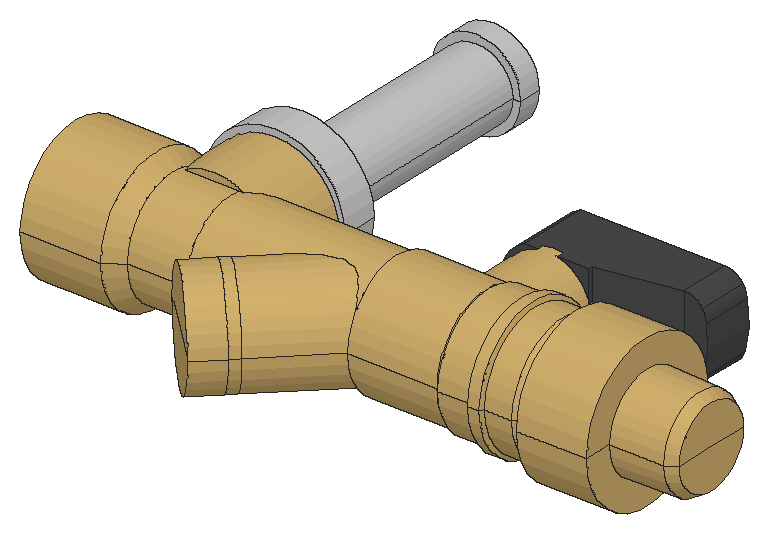
Revit family "Plumbing_Joints_Aignep_Condensed-Drain-Valve-Nptf-90976", category Pipe Accessories, Revit 2018
Family settings
  Round Connector Dimension = Use Diameter
  Part Type = Valve - Breaks Into
  OmniClass Number = 23.27.43.00
  OmniClass Title = Pipe Fittings
  Work Plane-Based = No
  Always vertical = Yes
  Cut with Voids When Loaded = No
  Shared = No
Parameters (values of type "D 3/8"")
  Tick Size 02 = Nominal Diameter 02 * 0.8  # 10.160 mm
  QR code = "https://www.bimobject.com/aignep/product/condensed-drain-valve-nptf-90976"
  Product url = "https://www.aignep.com/eng/Pipe-fittings-INFINITY/Air-Pipeline-INFINITY-Series/CONDENSED-DRAIN-VALVE-NPTF"
  Product name = "Condensed Drain Valve Nptf - 90976"
  Product group = "Valves"
  Product family = "INFINITY"
  Product certification = "https://www.aignep.com/eng/Certificazioni/FREE-OF-SILICON"
  Product SKU = "Condensed-Drain-Valve-Nptf-90976"
  Product Material = AIGNEP - Brass - Yellow
  Product Guid = "a619ee7e-faa2-4660-8244-decc4a47eb16"
  OmniClass Description = "Pipe Fittings"
  OmniClass Code = "23-27 43 00"
  OD = 17.000 mm
  Nominal Diameter 02 = 12.700 mm  # constant formula
  Nominal Diameter 01 = 9.525 mm
  Material main = "Brass"
  Manufacturer name = "Aignep Spa"
  Manufacturer country = "Italy"
  L = 113.500 mm
  IFC Classification = "Pipe Fitting"
  G = 26.500 mm
  ES2 = 23.000 mm
  ES1 = 22.000 mm
  E = 65.500 mm
  Design country = "Italy"
  Description = "Condensed drain valve NPTF\r\n"  # constant formula
  URL = "https://www.aignep.com/"
  Tick Size 01 = Nominal Diameter 01 * 0.8  # 7.620 mm
  Product data url = "https://www.bimobject.com/aignep/product/condensed-drain-valve-nptf-90976"
  Model = "90976"  # constant formula
  Manufacturer = "Aignep Spa"  # constant formula
  Keynote = "15410"
  Edition number = 1
  D = 13.000 mm
  CH3 = 16.000 mm
  CH2 = 25.000 mm
  CH1 = 27.000 mm
  C = 12.000 mm
  BIMobject category = "Valves"
  B = 11.500 mm
  Assembly Code = "D2040100"
  Article Code [instance] = "90976 00 004"
  A2 = 12.700 mm
  A1 = 9.525 mm
Types (2, lengths in mm): name | OD | Nominal Diameter 01 | L | Tick Size 01 | B | Article Code | A1
  D 3/8" | 17.000 | 9.525 | 113.500 | 7.620 | 11.500 | "90976 00 004" | 9.525
  D 1/2" | 21.500 | 12.700 | 117.500 | 10.160 | 16.000 | "90976 00 005" | 12.700
Reference planes
  plane 1 "Center (Front/Back)": y = 0
  plane 2: z = 0
  plane 3: x = 0
  plane 4: x = -17.65
  plane 5: x = 44.175
  plane 6: x = -69.325
  plane 7: y = 4.762
  plane 8: y = -4.763
  plane 9: y = 6.35
  plane 10: y = -6.35
  plane 11: x = -57.325
  plane 12: x = 32.675
  plane 13: y = 12.5
  plane 14: y = -12.5
  plane 15: y = 13.5
  plane 16: y = -13.5
  plane 17: y = 11.5
  plane 18: y = -11.5
  plane 19: y = -26.5
  plane 20: y = 65.5
  plane 21: x = -54
  plane 22: x = -38
  plane 23 "Center (Left/Right)": x = -46
  plane 24: x = -52.5
  plane 25: x = -39.5
  plane 26: y = 11
  plane 27: y = -11
  plane 28: y = 8.5
  plane 29: y = -8.5
  plane 30: through (-30.289, -15.297, 1200) normal (0.7071, -0.7071, 0)
Forms (mm)
  Revolve 1, solid, material "AIGNEP - Brass - Yellow" <- "Product Material", detail levels fine
    sketch origin (0, 0, 0) x (1, 0, 0) y (0, 1, 0)
      loop
        line (44.175, 0) -> (-69.325, 0) -> (-69.325, -12.5) -> (-54.989, -12.5) -> (-52.039, -10.32) -> (-41.545, -10.32) -> (-12.448, -10.32) -> (-11.972, -11) -> (3.827, -11) -> (4.541, -11.5) -> (10.205, -11.5) -> (10.481, -12.258) -> (12.496, -12.258) -> (12.772, -11.5) -> (17.772, -11.5) -> (18.499, -10.991) -> (19.717, -10.991) -> (20.175, -11.754) -> (20.175, -13.5) -> (32.675, -13.5) -> (32.675, -8.484) -> (42.269, -8.217) -> (44.175, -7.117) -> (44.175, 0)
      axis (44.175, 0) -> (-69.325, 0)
    angle from 0 to 360
  Revolve 2, solid, material "AIGNEP - Inox - Grey", detail levels fine
    sketch origin (0, 0, 0) x (1, 0, 0) y (0, 1, 0)
      loop
        line (-46, 15.146) -> (-46, 65.5) -> (-49.974, 65.5) -> (-49.974, 64.2) -> (-54, 64.2) -> (-54, 60.2) -> (-52.5, 60.2) -> (-52.5, 21.5) -> (-58.662, 21.5) -> (-58.662, 15.146) -> (-46, 15.146)
      axis (-46, 15.146) -> (-46, 65.5)
    angle from 0 to 360
  Revolve 3, solid, material "AIGNEP - Brass - Yellow" <- "Product Material", detail levels fine
    sketch origin (0, 0, 0) x (1, 0, 0) y (0, 1, 0)
      loop
        line (-34.885, -19.893) -> (-28.069, -26.71) -> (-24.003, -22.644) -> (-22.762, -21.403) -> (-8.623, -7.264) -> (-15.44, -0.447) -> (-34.885, -19.893)
      axis (-15.44, -0.447) -> (-34.885, -19.893)
    angle from 0 to 360
  Revolve 4, solid, material "AIGNEP - Brass - Yellow" <- "Product Material", detail levels fine
    sketch origin (0, 0, 0) x (1, 0, 0) y (0, 1, 0)
      loop
        line (0, 6.414) -> (0, 18.5) -> (0, 19.739) -> (-7.711, 19.739) -> (-7.711, 6.414) -> (0, 6.414)
      axis (0, 6.414) -> (0, 19.739)
    angle from 0 to 360
  Extrusion 5, solid, material "AIGNEP - Plastic - Black", detail levels fine
    sketch origin (0, 0, 0) x (1, 0, 0) y (0, 0, 1)
      loop
        line (21.72, 7.5) -> (-4, 7.5)
        arc (-4, 7.5) -> (-8.623, 0) -> (-4, -7.5) r 8.395
        line (-4, -7.5) -> (21.72, -7.5)
        arc (21.72, -7.5) -> (23.957, -6.812) -> (25.419, -4.985) r 3.978
        arc (25.419, -4.985) -> (25.992, -0.695) -> (25.697, 3.622) r 21.58
        arc (25.697, 3.622) -> (25.509, 4.733) -> (25.018, 5.746) r 3.978
        arc (25.018, 5.746) -> (23.587, 7.034) -> (21.72, 7.5) r 3.978
    from -31 to -18.5
  Extrusion 6, void
    sketch origin (0, 0, 0) x (1, 0, 0) y (0, 1, 0)
      loop
        line (7.518, 19.22) -> (7.518, 16.034) -> (30.521, 16.034) -> (30.521, 22) -> (21.604, 22) -> (7.518, 19.22)
    from -14.319 to 14.478
  Revolve 7, solid, material "AIGNEP - Brass - Yellow" <- "Product Material", detail levels fine
    sketch origin (0, 0, 0) x (1, 0, 0) y (0, 1, 0)
      loop
        line (-46, 1.73) -> (-46, 15.146) -> (-57.469, 15.146) -> (-57.469, 1.73) -> (-46, 1.73)
      axis (-46, 1.73) -> (-46, 15.146)
    angle from 0 to 360
  Sweep 8, solid, not visible, detail levels fine
    path origin (0, 0, 0) x (1, 0, 0) y (0, 1, 0)
      loop
        line (-57.325, 0) -> (-46, 0)
    profile origin (-51.663, 0, 0) x (0, 1, 0) y (0, 0, 1)
      loop
        circle (0, 0) r 4.007
  Sweep 9, solid, not visible, detail levels fine
    path origin (0, 0, 0) x (1, 0, 0) y (0, 1, 0)
      loop
        line (0, 0) -> (32.675, 0)
    profile origin (16.337, 0, 0) x (0, 1, 0) y (0, 0, 1)
      loop
        circle (0, 0) r 4.007
Cuts and joins
  Extrusion 6 cuts Revolve 4
  Extrusion 6 cuts Extrusion 5
Lines and regions (mm)
  model lines, detail levels coarse+medium
    curve 1: line (-57.325, 0, 0) -> (32.675, 0, 0)
    curve 2: line (-57.325, 5.08, 0) -> (-57.325, -5.08, 0)
    curve 3: line (32.675, 3.81, 0) -> (32.675, -3.81, 0)
    curve 4: line (0, 0, 0) -> (0, 21.738, 0)
    curve 5: line (0, 21.738, 0) -> (20.279, 21.738, 0)
    curve 6: line (-46, 0, 0) -> (-46, 65.5, 0)
Dimensions and locks
  plane 3 to plane 4 = 17.650 mm
  "L": plane 6 to plane 5
  equal spacing: plane 7, plane 1 "Center (Front/Back)", plane 8
  "A1": plane 7 to plane 8
  equal spacing: plane 10, plane 1 "Center (Front/Back)", plane 9
  "A2": plane 10 to plane 9
  "C": plane 6 to plane 11
  "B": plane 12 to plane 5
  equal spacing: plane 14, plane 1 "Center (Front/Back)", plane 13
  "CH2": plane 14 to plane 13
  equal spacing: plane 15, plane 1 "Center (Front/Back)", plane 16
  "CH1": plane 15 to plane 16
  equal spacing: plane 17, plane 1 "Center (Front/Back)", plane 18
  "ES2": plane 17 to plane 18
  "G": plane 19 to plane 1 "Center (Front/Back)"
  "E": plane 1 "Center (Front/Back)" to plane 20
  equal spacing: plane 21, plane 23 "Center (Left/Right)", plane 22
  "CH3": plane 21 to plane 22
  equal spacing: plane 24, plane 23 "Center (Left/Right)", plane 25
  "D": plane 24 to plane 25
  equal spacing: plane 27, plane 1 "Center (Front/Back)", plane 26
  "ES1": plane 27 to plane 26
  locked: Revolve 1 sketch curve to plane 5 at 1.906
  Revolve 1 sketch curve to Revolve 1 sketch curve to plane 23 "Center (Left/Right)" to Revolve 1 sketch curve to Revolve 1 sketch curve to Revolve 1 sketch curve to Revolve 1 sketch curve to Revolve 1 sketch curve to Revolve 1 sketch curve to Revolve 1 sketch curve to Revolve 1 sketch curve to Revolve 1 sketch curve to Revolve 1 sketch curve to Revolve 1 sketch curve to Revolve 1 sketch curve to Revolve 1 sketch curve to Revolve 1 sketch curve to Revolve 1 sketch curve = 2.950 mm locked, 6.039 mm locked, 33.552 mm locked, 0.476 mm locked, 15.800 mm locked, 0.714 mm locked, 5.664 mm locked, 0.276 mm locked, 2.015 mm locked, 0.276 mm locked, 5.000 mm locked, 0.727 mm locked, 1.218 mm locked, 0.457 mm locked, 0.000 mm locked, 12.500 mm locked, 0.000 mm locked
  Revolve 1 sketch curve to Revolve 1 sketch curve to Revolve 1 sketch curve to Revolve 1 sketch curve to Revolve 1 sketch curve to Revolve 1 sketch curve to plane 16 = 0.671 mm locked, 0.000 mm locked, 0.764 mm locked, 0.503 mm locked, 0.000 mm locked, 1.242 mm locked
  locked: plane 6 to plane 23 "Center (Left/Right)" at 23.325
  equal spacing: plane 28, plane 1 "Center (Front/Back)", plane 29
  "OD": plane 28 to plane 29
  plane 29 to Revolve 1 sketch curve to Revolve 1 sketch curve to Revolve 1 sketch curve = 0.016 mm locked, 0.267 mm locked, 1.100 mm locked
  Extrusion 5 sketch curve to Extrusion 5 sketch curve to Extrusion 5 sketch curve to plane 3 = 0.277 mm locked, 0.401 mm locked, 25.018 mm locked
  Revolve 3 sketch curve to Revolve 3 sketch curve to plane 30 = 0.000 mm locked, 9.640 mm locked
  locked: Revolve 2 sketch curve to plane 23 "Center (Left/Right)" at 12.662
  equal spacing: curve 2, plane 1 "Center (Front/Back)", curve 2
  "Tick Size 02": curve 2 to curve 2
  equal spacing: curve 3, plane 1 "Center (Front/Back)", curve 3
  "Tick Size 01": curve 3 to curve 3
  locked: plane 3 to curve 5 at 20.279
  aligned and locked: level to plane 2
  aligned and locked: plane 5 to Revolve 1 sketch curve
  aligned and locked: Revolve 1 sketch curve to plane 16
  aligned and locked: Revolve 1 sketch curve to plane 18
  aligned and locked: plane 18 to Revolve 1 sketch curve
  aligned and locked: Revolve 1 sketch curve to plane 14
  aligned and locked: Revolve 1 sketch curve to plane 6
  aligned and locked: plane 23 "Center (Left/Right)" to Revolve 2 sketch curve
  aligned and locked: Revolve 2 sketch curve to plane 20
  aligned and locked: plane 21 to Revolve 2 sketch curve
  aligned and locked: plane 24 to Revolve 2 sketch curve
  aligned and locked: Revolve 3 sketch curve to plane 30
  aligned and locked: plane 11 to Sweep 8 sketch curve
  aligned and locked: plane 23 "Center (Left/Right)" to Sweep 8 sketch curve
  aligned and locked: plane 1 "Center (Front/Back)" to Sweep 8 sketch curve
  aligned and locked: plane 12 to Sweep 9 sketch curve
  aligned and locked: plane 3 to Sweep 9 sketch curve
  aligned and locked: plane 1 "Center (Front/Back)" to Sweep 9 sketch curve
  aligned and locked: plane 11 to curve 1
  aligned and locked: plane 12 to curve 1
  aligned and locked: plane 1 "Center (Front/Back)" to curve 1
  aligned and locked: curve 2 to plane 11
  aligned and locked: curve 3 to plane 12
  aligned and locked: plane 3 to curve 4
  aligned and locked: plane 20 to curve 6
  aligned and locked: plane 23 "Center (Left/Right)" to curve 6
  aligned and locked: plane 1 "Center (Front/Back)" to curve 6
Automatic sketch dimensions
  plane 1 "Center (Front/Back)" to Revolve 1 sketch curve = 0.000 mm  (x2)
  Revolve 1 sketch curve to plane 6 = 0.000 mm
  Revolve 1 sketch curve to plane 27 = 0.000 mm
  Revolve 1 sketch curve to plane 25 = 2.045 mm
  Revolve 1 sketch curve to Revolve 1 sketch curve = 8.591 mm
  plane 30 to Revolve 3 sketch curve = 0.000 mm  (x2)
  plane 19 to Revolve 3 sketch curve = 0.210 mm
  Revolve 3 sketch curve to plane 19 = 3.856 mm
  Revolve 3 sketch curve to Revolve 3 sketch curve = 1.241 mm
  plane 1 "Center (Front/Back)" to Revolve 3 sketch curve = 0.447 mm
  Revolve 3 sketch curve to Revolve 3 sketch curve = 0.000 mm
  plane 22 to Revolve 3 sketch curve = 0.151 mm
  Revolve 4 sketch curve to plane 3 = 0.000 mm  (x2)
  Revolve 4 sketch curve to plane 3 = 7.711 mm
  plane 7 to Revolve 4 sketch curve = 1.651 mm
  plane 15 to Revolve 4 sketch curve = 5.000 mm
  Revolve 4 sketch curve to Revolve 4 sketch curve = 1.239 mm
  Revolve 4 sketch curve to Revolve 4 sketch curve = 2.261 mm
  Revolve 4 sketch curve to Revolve 4 sketch curve = 6.371 mm
  Extrusion 5 sketch curve to Extrusion 5 sketch curve = 0.000 mm  (x3)
  Extrusion 5 sketch curve to level = 0.000 mm  (x2)
  Extrusion 5 sketch curve to plane 3 = 0.228 mm
  Extrusion 5 sketch curve to level = 3.522 mm
  level to Extrusion 5 sketch curve = 3.522 mm
  Extrusion 5 sketch curve to Extrusion 5 sketch curve = 3.978 mm
  plane 3 to Extrusion 6 sketch curve = 7.518 mm
  Extrusion 6 sketch curve to plane 12 = 11.071 mm
  Extrusion 6 sketch curve to plane 12 = 2.154 mm
  plane 15 to Extrusion 6 sketch curve = 2.534 mm
  Extrusion 6 sketch curve to Extrusion 6 sketch curve = 3.186 mm
  plane 15 to Extrusion 6 sketch curve = 8.500 mm
  Extrusion 5 sketch curve to Extrusion 5 sketch curve = 3.298 mm
  Extrusion 5 sketch curve to plane 3 = 4.000 mm  (x2)
  plane 20 to Revolve 2 sketch curve = 0.000 mm
  Revolve 2 sketch curve to plane 23 "Center (Left/Right)" = 0.000 mm
  Revolve 2 sketch curve to plane 24 = 2.526 mm
  Revolve 2 sketch curve to Revolve 2 sketch curve = 1.300 mm
  Revolve 2 sketch curve to Revolve 2 sketch curve = 4.000 mm
  plane 15 to Revolve 2 sketch curve = 8.000 mm
  plane 15 to Revolve 2 sketch curve = 1.646 mm
  Revolve 2 sketch curve to plane 20 = 5.000 mm
  Revolve 7 sketch curve to plane 23 "Center (Left/Right)" = 0.000 mm  (x2)
  Revolve 7 sketch curve to plane 11 = 0.144 mm
  Revolve 7 sketch curve to plane 7 = 3.032 mm
  plane 15 to Revolve 7 sketch curve = 1.646 mm
  Revolve 7 sketch curve to Revolve 7 sketch curve = 0.000 mm
  Revolve 7 sketch curve to Revolve 7 sketch curve = 3.258 mm
  Sweep 8 sketch curve to level = 0.000 mm
  Sweep 8 sketch curve to profile plane = 0.000 mm
  Sweep 9 sketch curve to level = 0.000 mm
  Sweep 9 sketch curve to profile plane = 0.000 mm
  plane 15 to curve 5 = 8.238 mm
  radius of Sweep 8 sketch curve = 4.007 mm
  radius of Sweep 9 sketch curve = 4.007 mm
Connectors
  piping at (-57.325, 0, 0), diameter 12.7, driven by "Nominal Diameter 02"
    settings: on Sweep 8, index 1, connector inside diameter 609.600 mm, connector length 0.000 mm, flow factor 0, pipe flow 0.0 L/s, pressure drop 0.0 Pa, fitting loss kfactor 0, connector angle 0.00°, fixture units 0, engagement length 0.000 mm, angle of deflection 0.00°, flow configuration 0, flow direction 0, fitting loss method 0, system type 28, joint type 0, gender type 0, connector reference index 2, connector utility 0, adjustable connector no, is connector primary yes, connector description ""
  piping at (32.675, 0, 0), diameter 9.525, driven by "Nominal Diameter 01"
    settings: on Sweep 9, index 2, connector inside diameter 609.600 mm, connector length 0.000 mm, flow factor 0, pipe flow 0.0 L/s, pressure drop 0.0 Pa, fitting loss kfactor 0, connector angle 0.00°, fixture units 0, engagement length 0.000 mm, angle of deflection 0.00°, flow configuration 0, flow direction 0, fitting loss method 0, system type 28, joint type 0, gender type 0, connector reference index 1, connector utility 0, adjustable connector no, is connector primary no, connector description ""
